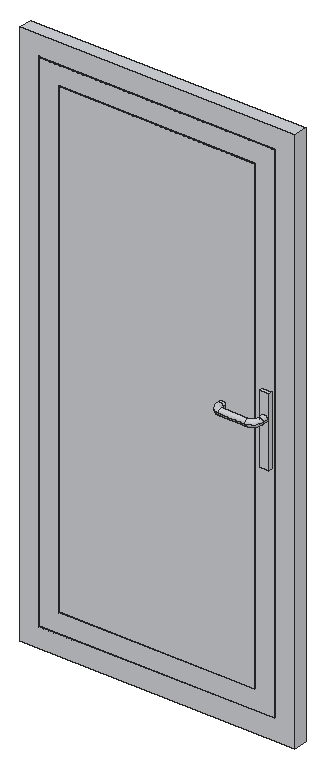
Revit family "NLRS_31_DO_WB_dichte enkele deur-AV_jazo_jazo", category Doors, host Wall, Revit 2020
Family settings
  Host = Wall
  OmniClass Number = 23.30.10.00
  OmniClass Title = Doors
  Always vertical = Yes
  Cut with Voids When Loaded = No
  Shared = No
  Room Calculation Point = No
Parameters (values of type "TYPE CATALOG")
  URL = "www.jazo.com"
  Thickness = if(JAZO_C_forster presto kozijn, 50 mm, if(JAZO_C_aluminium kozijn, 60 mm, 50 mm))  # 50 mm
  Rough Width = NLRS_C_breedte_01  # 1010 mm
  Rough Height = NLRS_C_hoogte_01  # 2010 mm
  Operation = ""
  Negge = 0 mm
  NLRS_C_zelfsluitend = no
  NLRS_C_weerstandsklasse = "Voor specificaties of mogelijkheden, neem contact op."  # constant formula
  NLRS_C_vluchtroute = "Voor specificaties of mogelijkheden, neem contact op."  # constant formula
  NLRS_C_stelruimte = if(NLRS_C_brandwerend, 10 mm, 5 mm)  # 5 mm
  NLRS_C_rookwerendheid = "Voor specificaties of mogelijkheden, neem contact op."  # constant formula
  NLRS_C_offset = Negge  # 0 mm
  NLRS_C_merk = "Voor specificaties of mogelijkheden, neem contact op."  # constant formula
  NLRS_C_leverancier_url = "www.jazo.com"  # constant formula
  NLRS_C_leverancier_telefoonnummer = "+31 316 - 59 29 11"  # constant formula
  NLRS_C_leverancier_postcode = "6905 DJ"  # constant formula
  NLRS_C_leverancier_plaats = "Zevenaar"  # constant formula
  NLRS_C_leverancier_email = "info@jazo.com"  # constant formula
  NLRS_C_leverancier_bedrijfsnaam = "JAZO Zevenaar bv"  # constant formula
  NLRS_C_leverancier_adres = "Handelsdwarsstraat 10"  # constant formula
  NLRS_C_inbraakwerend = no
  NLRS_C_hoogte_min = if(JAZO_C_forster presto kozijn, if(and(NLRS_C_brandwerend, NLRS_C_inbraakwerend), 2050 mm, if(NLRS_C_inbraakwerend, 2050 mm, if(NLRS_C_brandwerend, 2000 mm, 1850 mm))), if(JAZO_C_aluminium kozijn, 1850 mm, 1850 mm))  # 1850 mm
  NLRS_C_hoogte_max = if(JAZO_C_forster presto kozijn, if(NLRS_C_inbraakwerend, 2640 mm, 3000 mm), if(JAZO_C_aluminium kozijn, if(NLRS_C_inbraakwerend, 2645 mm, 3200 mm), 2000 mm))  # 3000 mm
  NLRS_C_hoogte_03 = 1050 mm  # constant formula
  NLRS_C_hoogte_02 = NLRS_C_hoogte - (24 mm * 2)  # 1952 mm
  NLRS_C_hoogte_01 = NLRS_C_hoogte + (NLRS_C_stelruimte * 2)  # 2010 mm
  NLRS_C_hoogte = if(Height < NLRS_C_hoogte_min, NLRS_C_hoogte_min, if(Height > NLRS_C_hoogte_max, NLRS_C_hoogte_max, Height))  # 2000 mm
  NLRS_C_geluidwering Rw = "Voor specificaties of mogelijkheden, neem contact op."  # constant formula
  NLRS_C_diepte_01 = if(JAZO_C_forster presto kozijn, 50 mm, 30 mm)  # 50 mm
  NLRS_C_diepte = Thickness  # 50 mm
  NLRS_C_content_versie = "2.1"  # constant formula
  NLRS_C_content_revit versie = "REVIT 2020.2"  # constant formula
  NLRS_C_content_provider = "JAZO Zevenaar bv"  # constant formula
  NLRS_C_content_datum uitgifte = "17-8-2022"  # constant formula
  NLRS_C_content_datum gewijzigd = "7-11-2022"  # constant formula
  NLRS_C_content_creator = "JAZO Zevenaar bv"  # constant formula
  NLRS_C_breedte_min = 850 mm  # constant formula
  NLRS_C_breedte_max = if(JAZO_C_forster presto kozijn, if(NLRS_C_inbraakwerend, 1440 mm, 1500 mm), if(JAZO_C_aluminium kozijn, if(NLRS_C_inbraakwerend, 1661 mm, 1400 mm), 1000 mm))  # 1500 mm
  NLRS_C_breedte_02 = NLRS_C_breedte - (24 mm * 2)  # 952 mm
  NLRS_C_breedte_01 = NLRS_C_breedte + NLRS_C_stelruimte * 2  # 1010 mm
  NLRS_C_breedte = if(Width < NLRS_C_breedte_min, NLRS_C_breedte_min, if(Width > NLRS_C_breedte_max, NLRS_C_breedte_max, Width))  # 1000 mm
  NLRS_C_brandwerend = no
  Model = "Dichte enkele deur"  # constant formula
  Manufacturer = "JAZO Zevenaar bv"  # constant formula
  MIN WIDTH = NLRS_C_breedte_min  # 850 mm
  MIN HEIGHT = NLRS_C_hoogte_min  # 1850 mm
  MAX WIDTH = NLRS_C_breedte_max  # 1500 mm
  MAX HEIGHT = NLRS_C_hoogte_max  # 3000 mm
  JAZO_C_plankendeur = if(JAZO_C_aluminium kozijn, 1 < 2, 2 < 1)  # no
  JAZO_C_paniekfunctie = no
  JAZO_C_paneeldeur = if(JAZO_C_forster presto kozijn, 1 < 2, 2 < 1)  # yes
  JAZO_C_niet ventilerend = if(or(JAZO_C_aluminium kozijn, JAZO_C_forster presto kozijn), 1 < 2, 2 < 1)  # yes
  JAZO_C_materiaal scharnier = none
  JAZO_C_materiaal forster presto sandwichpaneel = none
  JAZO_C_materiaal forster presto kozijn = none
  JAZO_C_materiaal forster presto deurprofiel = none
  JAZO_C_materiaal beslag = none
  JAZO_C_materiaal aluminium planken = none
  JAZO_C_materiaal aluminium kozijn = none
  JAZO_C_forster presto kozijn = yes
  JAZO_C_dagmaat hoogte = if(JAZO_C_forster presto kozijn, NLRS_C_hoogte - 70 mm - 70 mm, if(JAZO_C_aluminium kozijn, NLRS_C_hoogte - 52 mm - 52 mm, 0 mm))  # 1860 mm
  JAZO_C_dagmaat breedte = if(JAZO_C_forster presto kozijn, NLRS_C_breedte - 70 mm - 70 mm, if(JAZO_C_aluminium kozijn, NLRS_C_breedte - 52 mm - 52 mm, 0 mm))  # 860 mm
  JAZO_C_aluminium kozijn = no
  Function = Exterior
  Height = 2000 mm
  Wall Closure = By host
  Width = 1000 mm
  Description = "Dichte enkele deur"  # constant formula
  Define Thermal Properties by = User Defined
  Construction Type = "Voor specificaties of mogelijkheden, neem contact op."  # constant formula
  Assembly Code = "23.30.10.00"
  Analytic Construction = "<None>"
Reference planes
  plane 1 "Center (Front/Back)": y = 0
  plane 2 "Center (Left/Right)": x = 0
  plane 3 "Left": x = -500
  plane 4 "Right": x = 500
  plane 5 "Top": z = 2005
  plane 6 "Exterior": y = 75
  plane 7 "Interior": y = -75
  plane 8 "stelruimte r": x = 505
  plane 9 "stelruimte l": x = -505
  plane 10 "stelruimte b": z = 2010
  plane 11 "stelruimte o": z = 5
  plane 12 "center kozijn": y = 50
  plane 13 "Center": z = 1005
  plane 14 "voorkant kozijn": y = 75
  plane 15 "achterkant kozijn": y = 25
  plane 16 "belsag": z = 1050
Lines and regions (mm)
  Opening 1
    outline origin (-3161.91, -75, 0) x (1, 0, 0) y (0, 0, 1)
      loop
        line (2656.91, 0) -> (3666.91, 0) -> (3666.91, 2010) -> (2656.91, 2010) -> (2656.91, 0)
  symbolic lines, style "Swing Elevation"
    curve 1: line (500, -75, 1005) -> (-500, -75, 2005)
    curve 2: line (500, -75, 1005) -> (-505, -75, -0.007)
Text (mm)
  text "Exterior" at (-2295.016, 1099.543, 0), in view "Ref. Level"
  text "Exterior" at (0, 1615.38, 3698.081), in view "Left"
  text "Exterior" at (0, 1036.032, 3874.932), in view "Right"
Dimensions and locks
  equal spacing: plane 9 "stelruimte l", plane 2 "Center (Left/Right)", plane 8 "stelruimte r"
  "NLRS_C_breedte": plane 3 "Left" to plane 4 "Right"
  "NLRS_C_hoogte": plane 5 "Top" to plane 11 "stelruimte o"
  "NLRS_C_hoogte_01": host wall to plane 10 "stelruimte b"
  locked: plane 6 "Exterior" to host wall
  locked: plane 7 "Interior" to host wall
  "NLRS_C_breedte_01": plane 9 "stelruimte l" to plane 8 "stelruimte r"
  equal spacing: plane 3 "Left", plane 2 "Center (Left/Right)", plane 4 "Right"
  equal spacing: plane 11 "stelruimte o", plane 13 "Center", plane 5 "Top"
  "NLRS_C_stelruimte": level to plane 11 "stelruimte o"
  equal spacing: plane 14 "voorkant kozijn", plane 12 "center kozijn", plane 15 "achterkant kozijn"
  "NLRS_C_diepte": plane 14 "voorkant kozijn" to plane 15 "achterkant kozijn"
  "NLRS_C_offset": plane 14 "voorkant kozijn" to plane 6 "Exterior"
  locked: nested 7 to plane 4 "Right" at 100
  "NLRS_C_hoogte_03": level to plane 16 "belsag"
  locked: nested 10 to plane 5 "Top" at 180
  locked: plane 11 "stelruimte o" to nested 9 at 180
  locked: nested 14 to plane 5 "Top" at 180
  locked: plane 11 "stelruimte o" to nested 12 at 180
  locked: nested 15 to plane 4 "Right" at 100
  aligned and locked: Opening 1 sketch curve to level
  aligned and locked: plane 1 "Center (Front/Back)" to host wall
  aligned and locked: Opening 1 sketch curve to plane 9 "stelruimte l"
  aligned and locked: plane 10 "stelruimte b" to Opening 1 sketch curve
  aligned and locked: Opening 1 sketch curve to plane 8 "stelruimte r"
  aligned and locked: plane 2 "Center (Left/Right)" to nested 1
  aligned and locked: nested 1 to plane 12 "center kozijn"
  aligned and locked: nested 1 to plane 5 "Top"
  aligned and locked: plane 2 "Center (Left/Right)" to nested 2
  aligned and locked: nested 2 to plane 12 "center kozijn"
  aligned and locked: nested 3 to plane 12 "center kozijn"
  aligned and locked: plane 2 "Center (Left/Right)" to nested 3
  aligned and locked: nested 3 to plane 5 "Top"
  aligned and locked: plane 2 "Center (Left/Right)" to nested 4
  aligned and locked: plane 2 "Center (Left/Right)" to nested 5
  aligned and locked: plane 2 "Center (Left/Right)" to nested 6
  aligned and locked: nested 6 to plane 12 "center kozijn"
  aligned and locked: plane 16 "belsag" to nested 7
  aligned and locked: plane 2 "Center (Left/Right)" to nested 8
  aligned and locked: plane 12 "center kozijn" to nested 8
  aligned and locked: plane 13 "Center" to nested 8
  aligned and locked: plane 14 "voorkant kozijn" to nested 9
  aligned and locked: plane 14 "voorkant kozijn" to nested 11
  aligned and locked: plane 14 "voorkant kozijn" to nested 10
  aligned and locked: plane 13 "Center" to nested 11
  aligned and locked: nested 12 to plane 14 "voorkant kozijn"
  aligned and locked: plane 13 "Center" to nested 13
  aligned and locked: nested 13 to plane 14 "voorkant kozijn"
  aligned and locked: nested 14 to plane 14 "voorkant kozijn"
  aligned and locked: plane 9 "stelruimte l" to curve 2
  aligned and locked: nested 15 to plane 14 "voorkant kozijn"
  aligned and locked: nested 7 to plane 14 "voorkant kozijn"
  aligned and locked: nested 9 to plane 3 "Left"
  aligned and locked: nested 11 to plane 3 "Left"
  aligned and locked: nested 10 to plane 3 "Left"
  aligned and locked: nested 12 to plane 3 "Left"
  aligned and locked: nested 14 to plane 3 "Left"
  aligned and locked: nested 13 to plane 3 "Left"
  aligned and locked: nested 2 to plane 5 "Top"
  aligned and locked: nested 6 to plane 5 "Top"
  aligned and locked: nested 16 to plane 3 "Left"
  aligned and locked: nested 16 to plane 4 "Right"
  aligned and locked: plane 14 "voorkant kozijn" to nested 16
  aligned and locked: nested 5 to plane 12 "center kozijn"
Automatic sketch dimensions
  plane 3 "Left" to curve 1 = 0 mm
  curve 1 to plane 5 "Top" = 0 mm
  plane 4 "Right" to curve 2 = 0 mm
  curve 2 to plane 13 "Center" = 0 mm
  curve 2 to level = 0.007 mm
Nested families
  nested 1: "NLRS_31_GM_UN_forster presto kozijn-AV" at (0, 50, 5), type "forster presto kozijn"
    with NLRS_C_breedte 1000 mm
  nested 2: "NLRS_31_GM_UN_aluminium kozijn-AV" at (0, 50, 5), type "aluminium kozijn"
  nested 3: "NLRS_31_GM_UN_forster presto deurprofiel-AV" at (0, 50, 5), type "forster presto deurprofiel"
  nested 4: "NLRS_31_DI_UN_markering" at (0, 29.5, 0), type "markering"
  nested 5: "NLRS_31_GA_UN_error message" at (0, 50, 0), type "error message"
    with NLRS_C_zichtbaar_10 no, NLRS_C_zichtbaar_05 no, NLRS_C_hoogte_max 3000 mm, NLRS_C_hoogte 2000 mm, NLRS_C_breedte_max 1500 mm, NLRS_C_brandwerend no, JAZO_C_aluminium kozijn no
  nested 6: "NLRS_31_GM_UN_forster presto sandwichpaneel-AV" at (0, 50, 5), type "forster presto sandwichpaneel"
  nested 7: "NLRS_31_GM_UN_beslag-AV" at (400, 75, 887), type "beslag knop-kruk"
  nested 8: "NLRS_31_GM_UN_aluminium planken-AV" at (0, 65, 29), type "aluminium planken"
    with NLRS_C_zichtbaar_01 no, NLRS_C_stelruimte_01 2 mm, NLRS_C_lengte_01 150 mm, NLRS_C_lengte 52 mm, NLRS_C_breedte_02 50 mm, NLRS_C_breedte_01 702 mm, NLRS_C_breedte 952 mm, JAZO_C_tussenplank 100mm yes
  nested 9: "NLRS_31_GM_UN_scharnier paneeldeur-AV" at (-462.4, 85.5, 99.5), type "scharnier paneeldeur"
  nested 10: "NLRS_31_GM_UN_scharnier paneeldeur-AV" at (-462.4, 85.5, 1739.5), type "scharnier paneeldeur"
  nested 11: "NLRS_31_GM_UN_scharnier paneeldeur-AV" at (-462.4, 85.5, 919.5), type "scharnier paneeldeur"
  nested 12: "NLRS_31_GM_UN_scharnier plankendeur-AV" at (-482, 93, 95), type "scharnier plankendeur"
    with JAZO_C_plankendeur no
  nested 13: "NLRS_31_GM_UN_scharnier plankendeur-AV" at (-482, 93, 915), type "scharnier plankendeur"
    with JAZO_C_plankendeur no
  nested 14: "NLRS_31_GM_UN_scharnier plankendeur-AV" at (-482, 93, 1735), type "scharnier plankendeur"
    with JAZO_C_plankendeur no
  nested 15: "NLRS_31_DI_UN_beslagbak detail" at (400, 75, 0), type "beslagbak detail"
    with JAZO_C_forster presto kozijn yes, JAZO_C_aluminium kozijn no
  nested 16: "NLRS_31_GM_UN_door swing" at (-500, 75, 0) x (-1, 0, 0) z (0, 0, 1), NLRS_C_breedte <- "NLRS_C_breedte", type "door swing"
    with NLRS_C_hoek 90.00°, NLRS_C_breedte 1000 mm
Definition of nested family "NLRS_31_GM_UN_forster presto kozijn-AV"
  Parameters (values of type "forster presto kozijn")
    URL = "www.jazo.com"
    NLRS_C_zichtbaar_01 = yes
    NLRS_C_materiaal = none
    NLRS_C_hoogte = 2000 mm
    NLRS_C_diepte = 50 mm  # constant formula
    NLRS_C_breedte = 2500 mm
    Model = "Forster Presto kozijn"
    Manufacturer = "JAZO Zevenaar bv"
    Description = "Forster Presto kozijn"
    Default Elevation = 0 mm
    Assembly Code = "23.30.10.11.11"
  Reference planes
    plane 1 "Center (Front/Back)": y = 0
    plane 2 "Bottom": z = 0
    plane 3 "Center (Left/Right)": x = 0
    plane 4 "Left": x = -1250
    plane 5 "Right": x = 1250
    plane 6 "Top": z = 2000
    plane 7 "voorkant kozijn": y = 25
    plane 8 "achterkant kozijn": y = -25
  Forms (mm)
    Sweep 1, solid, material <- "NLRS_C_materiaal", visible <- "NLRS_C_zichtbaar_01"
      path origin (0, 0, 0) x (1, 0, 0) y (0, 0, 1)
        loop
          line (-1250, 2000) -> (-1250, 0) -> (1250, 0) -> (1250, 2000) -> (-1250, 2000)
      profile origin (0, 0, 2000) x (0, 0, 1) y (0, -1, 0)
        loop
          line (0, -25) -> (0, 25) -> (-50, 25) -> (-70, 25) -> (-70, 22.003) -> (-50, 22.003) -> (-50, -19) -> (-36, -19) -> (-36, -25) -> (0, -25)
  Lines and regions (mm)
    symbolic lines, visible <- "NLRS_C_zichtbaar_01"
      curve 1: line (-1181.52, -25, 0) -> (1181.52, -25, 0)
      curve 2: line (-1216.25, 25, 0) -> (1216.25, 25, 0)
    symbolic lines
      curve 3: line (0, -25, 1931.52) -> (0, -25, 68.48)
      curve 4: line (0, 25, 33.75) -> (0, 25, 1966.25)
  Dimensions and locks
    "NLRS_C_hoogte": plane 6 "Top" to plane 2 "Bottom"
    "NLRS_C_diepte": plane 7 "voorkant kozijn" to plane 8 "achterkant kozijn"
    "NLRS_C_breedte": plane 4 "Left" to plane 5 "Right"
    equal spacing: plane 4 "Left", plane 3 "Center (Left/Right)", plane 5 "Right"
    aligned and locked: level to plane 2 "Bottom"
    aligned and locked: Sweep 1 to plane 8 "achterkant kozijn"
    aligned and locked: Sweep 1 to plane 7 "voorkant kozijn"
    aligned and locked: nested 1 to plane 8 "achterkant kozijn"
    aligned and locked: nested 2 to plane 8 "achterkant kozijn"
    aligned and locked: Sweep 1 sketch curve to plane 6 "Top"
    aligned and locked: Sweep 1 sketch curve to plane 4 "Left"
    aligned and locked: plane 5 "Right" to Sweep 1 sketch curve
    aligned and locked: plane 2 "Bottom" to Sweep 1 sketch curve
    aligned and locked: nested 1 to plane 4 "Left"
    aligned and locked: nested 2 to plane 5 "Right"
    aligned and locked: nested 4 to plane 6 "Top"
    aligned and locked: nested 3 to plane 2 "Bottom"
    aligned and locked: curve 1 to plane 8 "achterkant kozijn"
    aligned and locked: curve 2 to plane 7 "voorkant kozijn"
    aligned and locked: plane 8 "achterkant kozijn" to curve 3
    aligned and locked: curve 4 to plane 7 "voorkant kozijn"
  Automatic sketch dimensions
    profile plane to Sweep 1 sketch curve = 0 mm
    profile plane to Sweep 1 sketch curve = 36 mm
    Sweep 1 sketch curve to Sweep 1 sketch curve = 14 mm
    Sweep 1 sketch curve to Sweep 1 sketch curve = 0 mm
    Sweep 1 sketch curve to Sweep 1 sketch curve = 20 mm
    Sweep 1 sketch curve to plane 1 "Center (Front/Back)" = 25 mm
    Sweep 1 sketch curve to Sweep 1 sketch curve = 6 mm
    plane 1 "Center (Front/Back)" to Sweep 1 sketch curve = 22.003 mm
    Sweep 1 sketch curve to Sweep 1 sketch curve = 2.997 mm
    curve 2 to plane 4 "Left" = 33.75 mm
    curve 2 to curve 1 = 34.73 mm
    plane 5 "Right" to curve 1 = 68.48 mm
    plane 5 "Right" to curve 2 = 33.75 mm
    level to curve 4 = 33.75 mm
    curve 4 to curve 3 = 34.73 mm
    curve 3 to plane 6 "Top" = 68.48 mm
    curve 4 to plane 6 "Top" = 33.75 mm
  Nested families
    nested 1: "NLRS_31_DI_UN_forster presto kozijn detail" at (-1250, -25, 0) x (0, 1, 0) z (0, 0, 1), visible <- "NLRS_C_zichtbaar_01", type "forster presto kozijn detail"
    nested 2: "NLRS_31_DI_UN_forster presto kozijn detail" at (1250, -25, 0) x (0, 1, 0) z (0, 0, 1), visible <- "NLRS_C_zichtbaar_01", type "forster presto kozijn detail"
    nested 3: "NLRS_31_DI_UN_forster presto kozijn detail" at (0, -25, 0) x (0, 1, 0) z (1, 0, 0), visible <- "NLRS_C_zichtbaar_01", type "forster presto kozijn detail"
    nested 4: "NLRS_31_DI_UN_forster presto kozijn detail" at (0, -25, 2000) x (0, 1, 0) z (1, 0, 0), visible <- "NLRS_C_zichtbaar_01", type "forster presto kozijn detail"
  Definition of nested family "NLRS_31_DI_UN_forster presto kozijn detail"
    Parameters (values of type "forster presto kozijn detail")
      URL = "www.jazo.com"
      Manufacturer = "Jazo Zevenaar BV"
      Description = "Forster presto kozijn detail"
    Reference planes
      plane 1 "Center (Front/Back)": y = 0
      plane 2: z = 0
      plane 3 "Center (Left/Right)": x = 0
    Lines and regions (mm)
      detail lines, in view "Ref. Level"
        curve 1: line (0, 2.25, 0) -> (0, 68.48, 0)
        curve 2: arc (0, 68.48, 0) -> (1.52, 70, 0) -> (3.04, 68.48, 0) r 1.52
        curve 3: line (3.04, 68.48, 0) -> (3.04, 50.75, 0)
        curve 4: arc (3.04, 50.75, 0) -> (3.26, 50.22, 0) -> (3.79, 50, 0) r 0.75
        curve 5: line (3.79, 50, 0) -> (42.48, 50, 0)
        curve 6: arc (42.48, 50, 0) -> (43.99, 48.306, 0) -> (42.134, 47, 0) r 1.52
        curve 7: line (42.134, 47, 0) -> (37, 47, 0)
        curve 8: arc (37, 46.96, 0) -> (35.51, 45.633, 0) -> (36.656, 44, 0) r 1.5
        curve 9: line (36.656, 44, 0) -> (42.79, 44, 0)
        curve 10: arc (42.79, 44, 0) -> (44.108, 43.561, 0) -> (44.901, 42.421, 0) r 2.2
        curve 11: line (45, 42.467, 0) -> (45, 36.75, 0)
        curve 12: arc (45, 36.75, 0) -> (45.22, 36.22, 0) -> (45.75, 36, 0) r 0.75
        curve 13: line (45.75, 36, 0) -> (47.75, 36, 0)
        curve 14: arc (47.75, 36, 0) -> (49.341, 35.341, 0) -> (50, 33.75, 0) r 2.25
        curve 15: line (50, 33.75, 0) -> (50, 2.25, 0)
        curve 16: arc (50, 2.25, 0) -> (49.341, 0.659, 0) -> (47.75, 0, 0) r 2.25
        curve 17: line (47.75, 0, 0) -> (2.25, 0, 0)
        curve 18: arc (2.25, 0, 0) -> (0.659, 0.659, 0) -> (0, 2.25, 0) r 2.25
        curve 19: arc (37, 48.46, 0) -> (34, 45.46, 0) -> (37, 42.46, 0) r 3
        curve 20: line (37, 42.46, 0) -> (42.75, 42.46, 0)
        curve 21: arc (42.75, 42.46, 0) -> (43.28, 42.24, 0) -> (43.5, 41.71, 0) r 0.75
        curve 22: line (43.5, 41.71, 0) -> (43.5, 36.75, 0)
        curve 23: arc (43.5, 36.75, 0) -> (44.159, 35.159, 0) -> (45.75, 34.5, 0) r 2.25
        curve 24: line (45.75, 34.5, 0) -> (47.75, 34.5, 0)
        curve 25: arc (47.75, 34.5, 0) -> (48.28, 34.28, 0) -> (48.5, 33.75, 0) r 0.75
        curve 26: line (48.5, 33.75, 0) -> (48.5, 2.25, 0)
        curve 27: arc (48.5, 2.25, 0) -> (48.28, 1.72, 0) -> (47.75, 1.5, 0) r 0.75
        curve 28: line (47.75, 1.5, 0) -> (2.25, 1.5, 0)
        curve 29: arc (2.25, 1.5, 0) -> (1.72, 1.72, 0) -> (1.5, 2.25, 0) r 0.75
        curve 30: line (1.5, 2.25, 0) -> (1.5, 68.48, 0)
        curve 31: arc (1.54, 50.75, 0) -> (2.199, 49.159, 0) -> (3.79, 48.5, 0) r 2.25
        curve 32: line (3.79, 48.5, 0) -> (42.48, 48.5, 0)
Definition of nested family "NLRS_31_GM_UN_forster presto deurprofiel-AV"
  Parameters (values of type "forster presto deurprofiel")
    URL = "www.jazo.com"
    NLRS_C_zichtbaar_01 = yes
    NLRS_C_materiaal = none
    NLRS_C_hoogte = 2000 mm
    NLRS_C_diepte = 50 mm  # constant formula
    NLRS_C_breedte = 1000 mm
    Model = "Forster Presto deurprofiel"
    Manufacturer = "JAZO Zevenaar bv"
    Description = "Forster presto deurprofiel"
    Default Elevation = 0 mm
    Assembly Code = "23.30.10.11.11"
  Reference planes
    plane 1 "Center (Front/Back)": y = 0
    plane 2 "Bottom": z = 0
    plane 3 "Center (Left/Right)": x = 0
    plane 4 "Left": x = -500
    plane 5 "Right": x = 500
    plane 6 "Top": z = 2000
    plane 7 "voorkant kozijn": y = 25
    plane 8 "achterkant kozijn": y = -25
    plane 9 "Center (Elevation)": z = 1000
  Forms (mm)
    Sweep 1, solid, material <- "NLRS_C_materiaal", visible <- "NLRS_C_zichtbaar_01"
      path origin (0, 0, 0) x (1, 0, 0) y (0, 0, 1)
        loop
          line (-500, 2000) -> (-500, 0) -> (500, 0) -> (500, 2000) -> (-500, 2000)
      profile origin (0, 0, 2000) x (0, 0, 1) y (0, -1, 0)
        loop
          line (-40, -22) -> (-60, -22) -> (-60, 19) -> (-74, 19) -> (-74, 25) -> (-140, 25) -> (-140, -22) -> (-160, -22) -> (-160, -25) -> (-40, -25) -> (-40, -22)
  Lines and regions (mm)
    symbolic lines, visible <- "NLRS_C_zichtbaar_01"
      curve 1: line (-362.25, -25, 0) -> (362.25, -25, 0)
      curve 2: line (-341.52, 25, 0) -> (341.52, 25, 0)
      curve 3: line (0, 25, 1841.52) -> (0, 25, 158.48)
      curve 4: line (0, -25, 123.75) -> (0, -25, 1862.25)
  Dimensions and locks
    equal spacing: plane 4 "Left", plane 3 "Center (Left/Right)", plane 5 "Right"
    "NLRS_C_breedte": plane 4 "Left" to plane 5 "Right"
    "NLRS_C_hoogte": plane 6 "Top" to plane 2 "Bottom"
    locked: plane 4 "Left" to nested 1 at 60
    locked: nested 2 to plane 5 "Right" at 60
    locked: nested 3 to plane 6 "Top" at 60
    equal spacing: plane 6 "Top", plane 9 "Center (Elevation)", plane 2 "Bottom"
    locked: Sweep 1 to plane 2 "Bottom" at 60
    aligned and locked: level to plane 2 "Bottom"
    aligned and locked: Sweep 1 to plane 7 "voorkant kozijn"  (x2)
    aligned and locked: plane 8 "achterkant kozijn" to nested 3
    aligned and locked: Sweep 1 sketch curve to plane 6 "Top"
    aligned and locked: Sweep 1 sketch curve to plane 4 "Left"
    aligned and locked: plane 5 "Right" to Sweep 1 sketch curve
    aligned and locked: plane 2 "Bottom" to Sweep 1 sketch curve
    aligned and locked: curve 1 to plane 8 "achterkant kozijn"
    aligned and locked: plane 7 "voorkant kozijn" to curve 2
    aligned and locked: curve 3 to plane 7 "voorkant kozijn"
    aligned and locked: curve 4 to plane 8 "achterkant kozijn"
  Automatic sketch dimensions
    profile plane to Sweep 1 sketch curve = 160 mm
    Sweep 1 sketch curve to Sweep 1 sketch curve = 20 mm  (x2)
    Sweep 1 sketch curve to Sweep 1 sketch curve = 66 mm
    Sweep 1 sketch curve to Sweep 1 sketch curve = 14 mm
    Sweep 1 sketch curve to plane 1 "Center (Front/Back)" = 25 mm
    Sweep 1 sketch curve to Sweep 1 sketch curve = 3 mm  (x2)
    Sweep 1 sketch curve to Sweep 1 sketch curve = 41 mm
    Sweep 1 sketch curve to Sweep 1 sketch curve = 6 mm
    curve 1 to plane 4 "Left" = 137.75 mm
    curve 1 to curve 2 = 20.73 mm
    plane 5 "Right" to curve 2 = 158.48 mm
    curve 2 to curve 1 = 20.73 mm
    level to curve 4 = 123.75 mm
    curve 4 to curve 3 = 34.73 mm
    curve 3 to plane 6 "Top" = 158.48 mm
    curve 3 to curve 4 = 20.73 mm
  Nested families
    nested 1: "NLRS_31_DI_UN_forster presto deurprofiel detail" at (-460, 25, 0) x (0, -1, 0) z (0, 0, 1), visible <- "NLRS_C_zichtbaar_01", type "forster presto deurprofiel detail"
    nested 2: "NLRS_31_DI_UN_forster presto deurprofiel detail" at (460, 25, 0) x (0, -1, 0) z (0, 0, 1), visible <- "NLRS_C_zichtbaar_01", type "forster presto deurprofiel detail"
    nested 3: "NLRS_31_DI_UN_forster presto deurprofiel detail" at (0, 25, 1960) x (0, -1, 0) z (1, 0, 0), visible <- "NLRS_C_zichtbaar_01", type "forster presto deurprofiel detail"
    nested 4: "NLRS_31_DI_UN_forster presto deurprofiel detail" at (0, 25, 40) x (0, -1, 0) z (1, 0, 0), visible <- "NLRS_C_zichtbaar_01", type "forster presto deurprofiel detail"
  Definition of nested family "NLRS_31_DI_UN_forster presto deurprofiel detail"
    Parameters (values of type "forster presto deurprofiel detail")
      URL = "www.jazo.com"
      Manufacturer = "Jazo Zevenaar BV"
      Description = "Forster presto deurprofiel detail"
      Assembly Code = "23.30.10.11.11"
    Reference planes
      plane 1 "Center (Front/Back)": y = 0
      plane 2: z = 0
      plane 3 "Center (Left/Right)": x = 0
    Lines and regions (mm)
      detail lines, in view "Ref. Level"
        curve 1: line (50, 36.25, 0) -> (50, 97.75, 0)
        curve 2: arc (50, 97.75, 0) -> (49.341, 99.341, 0) -> (47.75, 100, 0) r 2.25
        curve 3: line (47.75, 100, 0) -> (3.79, 100, 0)
        curve 4: arc (3.79, 100, 0) -> (3.26, 100.22, 0) -> (3.04, 100.75, 0) r 0.75
        curve 5: line (3.04, 100.75, 0) -> (3.04, 118.48, 0)
        curve 6: arc (3.04, 118.48, 0) -> (1.52, 120, 0) -> (0, 118.48, 0) r 1.52
        curve 7: line (0, 118.48, 0) -> (0, 1.52, 0)
        curve 8: arc (0, 1.52, 0) -> (1.52, 0, 0) -> (3.04, 1.52, 0) r 1.52
        curve 9: line (3.04, 1.52, 0) -> (3.04, 19.25, 0)
        curve 10: arc (3.04, 19.25, 0) -> (3.26, 19.78, 0) -> (3.79, 20, 0) r 0.75
        curve 11: line (3.79, 20, 0) -> (42.48, 20, 0)
        curve 12: arc (42.48, 20, 0) -> (44, 21.52, 0) -> (42.48, 23.04, 0) r 1.52
        curve 13: line (42.48, 23.04, 0) -> (37, 23.04, 0)
        curve 14: arc (37, 23.04, 0) -> (35.5, 24.54, 0) -> (37, 26.04, 0) r 1.5
        curve 15: line (37, 26.04, 0) -> (42.79, 26.04, 0)
        curve 16: arc (42.79, 26.04, 0) -> (44.365, 26.703, 0) -> (45, 28.29, 0) r 2.215
        curve 17: line (45, 28.29, 0) -> (45, 33.25, 0)
        curve 18: arc (45, 33.25, 0) -> (45.22, 33.78, 0) -> (45.75, 34, 0) r 0.75
        curve 19: line (45.75, 34, 0) -> (47.75, 34, 0)
        curve 20: arc (47.75, 34, 0) -> (49.341, 34.659, 0) -> (50, 36.25, 0) r 2.25
        curve 21: arc (1.54, 19.25, 0) -> (2.199, 20.841, 0) -> (3.79, 21.5, 0) r 2.25
        curve 22: line (3.79, 21.5, 0) -> (37, 21.5, 0)
        curve 23: arc (37, 21.54, 0) -> (34, 24.54, 0) -> (37, 27.54, 0) r 3
        curve 24: line (37, 27.54, 0) -> (42.75, 27.54, 0)
        curve 25: arc (42.75, 27.54, 0) -> (43.28, 27.76, 0) -> (43.5, 28.29, 0) r 0.75
        curve 26: line (43.5, 28.29, 0) -> (43.5, 33.25, 0)
        curve 27: arc (43.5, 33.25, 0) -> (44.159, 34.841, 0) -> (45.75, 35.5, 0) r 2.25
        curve 28: line (45.75, 35.5, 0) -> (47.75, 35.5, 0)
        curve 29: arc (47.75, 35.5, 0) -> (48.28, 35.72, 0) -> (48.5, 36.25, 0) r 0.75
        curve 30: line (48.5, 36.25, 0) -> (48.5, 97.75, 0)
        curve 31: arc (48.5, 97.75, 0) -> (48.28, 98.28, 0) -> (47.75, 98.5, 0) r 0.75
        curve 32: line (47.75, 98.5, 0) -> (3.79, 98.5, 0)
        curve 33: arc (3.79, 98.5, 0) -> (2.199, 99.159, 0) -> (1.54, 100.75, 0) r 2.25
        curve 34: line (37, 21.5, 0) -> (42.48, 21.52, 0)
        curve 35: line (37, 21.54, 0) -> (42.48, 21.52, 0)
        curve 36: line (1.52, 1.52, 0) -> (1.52, 118.48, 0)
Definition of nested family "NLRS_31_GM_UN_forster presto sandwichpaneel-AV"
  Parameters (values of type "forster presto sandwichpaneel")
    URL = "www.jazo.com"
    NLRS_C_zichtbaar_01 = yes
    NLRS_C_materiaal = none
    NLRS_C_hoogte = 2000 mm
    NLRS_C_diepte = 50 mm  # constant formula
    NLRS_C_breedte = 1000 mm
    Model = ""
    Manufacturer = "JAZO Zevenaar bv"
    Description = "Forster presto sandwichpaneel"
    Default Elevation = 0 mm
    Assembly Code = "23.30.10.11.14"
  Reference planes
    plane 1 "Center (Front/Back)": y = 0
    plane 2 "Bottom": z = 0
    plane 3 "Center (Left/Right)": x = 0
    plane 4 "Left": x = -500
    plane 5 "Right": x = 500
    plane 6 "Top": z = 2000
    plane 7 "voorkant kozijn": y = 25
    plane 8 "achterkant kozijn": y = -25
    plane 9 "offset voorkant": y = 18
  Forms (mm)
    Extrusion 1, solid, material <- "NLRS_C_materiaal", visible <- "NLRS_C_zichtbaar_01"
      sketch origin (0, 0, 0) x (1, 0, 0) y (0, 0, 1)
        loop
          line (-356, 1856) -> (-356, 144) -> (356, 144) -> (356, 1856) -> (-356, 1856)
      from -18 to 25
  Dimensions and locks
    equal spacing: plane 4 "Left", plane 3 "Center (Left/Right)", plane 5 "Right"
    "NLRS_C_breedte": plane 4 "Left" to plane 5 "Right"
    "NLRS_C_hoogte": plane 6 "Top" to plane 2 "Bottom"
    locked: plane 6 "Top" to Extrusion 1 at 144
    locked: Extrusion 1 to plane 4 "Left" at 144
    locked: Extrusion 1 to plane 2 "Bottom" at 144
    locked: plane 5 "Right" to Extrusion 1 at 144
    "NLRS_C_diepte": plane 7 "voorkant kozijn" to plane 8 "achterkant kozijn"
    equal spacing: plane 7 "voorkant kozijn", plane 1 "Center (Front/Back)", plane 8 "achterkant kozijn"
    locked: plane 7 "voorkant kozijn" to plane 9 "offset voorkant" at 7
    aligned and locked: level to plane 2 "Bottom"
    aligned and locked: Extrusion 1 to plane 8 "achterkant kozijn"
    aligned and locked: plane 9 "offset voorkant" to Extrusion 1
  Automatic sketch dimensions
    Extrusion 1 sketch curve to plane 4 "Left" = 144 mm
    plane 5 "Right" to Extrusion 1 sketch curve = 144 mm
    level to Extrusion 1 sketch curve = 144 mm
    Extrusion 1 sketch curve to plane 6 "Top" = 144 mm
Definition of nested family "NLRS_31_GM_UN_beslag-AV"
  Parameters (values of type "beslag knop-kruk")
    URL = "www.jazo.com"
    NLRS_C_zichtbaar_01 = yes
    NLRS_C_materiaal = none
    NLRS_C_diepte = 50 mm
    NLRS_C_afstand = if(JAZO_C_aluminium kozijn, 30 mm, if(JAZO_C_forster presto kozijn, 50 mm, 50 mm))  # 50 mm
    Model = ""
    Manufacturer = "JAZO Zevenaar bv"
    JAZO_C_forster presto kozijn = yes
    JAZO_C_aluminium kozijn = no
    Description = "Beslag knop-kruk"
    Default Elevation = 0 mm
    Assembly Code = "23.30.40.31"
  Reference planes
    plane 1 "Center (Front/Back)": y = 0
    plane 2 "Bottom": z = 0
    plane 3 "Center (Left/Right)": x = 0
    plane 4 "kruk": z = 163
    plane 5 "cilinder": z = 71.5
    plane 6 "achterkant": y = -50
    plane 7 "deur": y = -50
  Forms (mm)
    Extrusion 1, solid, material <- "NLRS_C_materiaal", visible <- "NLRS_C_zichtbaar_01"
      sketch origin (0, -8, 0) x (1, 0, 0) y (0, 1, 0)
        loop
          line (-16, 20) -> (-16, 8) -> (16, 8) -> (16, 20) -> (-16, 20)
      from 0 to 251
    Extrusion 2, solid, material <- "NLRS_C_materiaal", visible <- "NLRS_C_zichtbaar_01"
      sketch origin (0, -45, 0) x (1, 0, 0) y (0, 0, -1)
        loop
          circle (0, -163) r 11
      from 57 to 87
    Extrusion 3, solid, material <- "NLRS_C_materiaal", visible <- "NLRS_C_zichtbaar_01"
      sketch origin (0, -45, 0) x (1, 0, 0) y (0, 0, -1)
        loop
          circle (0, -163) r 25
      from 87 to 103
    Sweep 4, solid, material <- "NLRS_C_materiaal", visible <- "NLRS_C_zichtbaar_01"
      path origin (0, -69, 0) x (1, 0, 0) y (0, 1, 0)
        loop
          line (0, 7) -> (0, -15)
          arc (0, -15) -> (-7.249, -32.5) -> (-24.749, -39.749) r 24.749
          line (-24.749, -39.749) -> (-120.749, -39.749)
          arc (-120.749, -39.749) -> (-138.249, -32.5) -> (-145.497, -15) r 24.749
          line (-145.497, -15) -> (-145.497, -4)
      profile origin (0, -73, 0) x (1, 0, 0) y (0, 0, 1)
        loop
          circle (0, 163) r 11
    Extrusion 5, solid, material <- "NLRS_C_materiaal", visible <- "NLRS_C_zichtbaar_01"
      sketch origin (0, -102, 0) x (1, 0, 0) y (0, 1, 0)
        loop
          line (-16, 40) -> (16, 40) -> (16, 52) -> (-16, 52) -> (-16, 40)
      from 0 to 251
  Dimensions and locks
    locked: plane 4 "kruk" to plane 2 "Bottom" at 163
    locked: plane 5 "cilinder" to plane 2 "Bottom" at 71.5
    locked: plane 1 "Center (Front/Back)" to Extrusion 1 at 12
    locked: plane 1 "Center (Front/Back)" to Extrusion 3 at 42
    locked: plane 1 "Center (Front/Back)" to Extrusion 3 at 58
    "NLRS_C_afstand": plane 6 "achterkant" to plane 1 "Center (Front/Back)"
    "NLRS_C_diepte": plane 1 "Center (Front/Back)" to plane 7 "deur"
    aligned and locked: level to plane 2 "Bottom"
    aligned and locked: Extrusion 2 to Extrusion 3
    aligned and locked: Extrusion 2 to Extrusion 1
  Automatic sketch dimensions
    plane 1 "Center (Front/Back)" to Extrusion 1 sketch curve = 0 mm
    Extrusion 1 sketch curve to plane 3 "Center (Left/Right)" = 16 mm
    plane 3 "Center (Left/Right)" to Extrusion 1 sketch curve = 16 mm
    Extrusion 1 sketch curve to Extrusion 1 sketch curve = 12 mm
    Extrusion 2 sketch curve to plane 3 "Center (Left/Right)" = 0 mm
    Extrusion 2 sketch curve to plane 4 "kruk" = 0 mm
    Extrusion 3 sketch curve to plane 3 "Center (Left/Right)" = 0 mm
    Extrusion 3 sketch curve to plane 4 "kruk" = 0 mm
    Sweep 4 sketch curve to plane 3 "Center (Left/Right)" = 0 mm
    Sweep 4 sketch curve to plane 3 "Center (Left/Right)" = 24.749 mm
    Sweep 4 sketch curve to plane 6 "achterkant" = 58.749 mm
    Sweep 4 sketch curve to Sweep 4 sketch curve = 96 mm
    Sweep 4 sketch curve to Sweep 4 sketch curve = 24.749 mm
    Sweep 4 sketch curve to Sweep 4 sketch curve = 11 mm
    Sweep 4 sketch curve to plane 6 "achterkant" = 12 mm
    profile plane to Sweep 4 sketch curve = 0 mm
    profile plane to Sweep 4 sketch curve = 163 mm
    Extrusion 5 sketch curve to plane 6 "achterkant" = 0 mm
    Extrusion 5 sketch curve to plane 3 "Center (Left/Right)" = 16 mm
    plane 3 "Center (Left/Right)" to Extrusion 5 sketch curve = 16 mm
    Extrusion 5 sketch curve to Extrusion 5 sketch curve = 12 mm
    radius of Extrusion 2 sketch curve = 11 mm
    radius of Extrusion 3 sketch curve = 25 mm
    radius of Sweep 4 sketch curve = 11 mm
Definition of nested family "NLRS_31_GM_UN_scharnier paneeldeur-AV"
  Parameters (values of type "scharnier paneeldeur")
    URL = "www.jazo.com"
    NLRS_C_zichtbaar_01 = yes
    NLRS_C_materiaal = none
    Model = ""
    Manufacturer = "JAZO Zevenaar bv"
    Description = "scharnier paneeldeur"
    Default Elevation = 0 mm
    Assembly Code = "23.30.40.24.11"
  Reference planes
    plane 1 "Center (Front/Back)": y = 0
    plane 2 "Bottom": z = 0
    plane 3 "Center (Left/Right)": x = 0
    plane 4 "voorkant kozijn": y = -10.5
    plane 5 "Top": z = 171
    plane 6 "Center (Elevation)": z = 85.5
    plane 7 "Left": x = -37.6
  Forms (mm)
    Extrusion 1, solid, material <- "NLRS_C_materiaal", visible <- "NLRS_C_zichtbaar_01"
      sketch origin (0, 0, 0) x (1, 0, 0) y (0, 1, 0)
        loop
          line (-4.5, 4.5) -> (-4.5, -4.5) -> (4.5, -4.5) -> (4.5, 4.5) -> (-4.5, 4.5)
      from 159 to 171
    Extrusion 2, solid, material <- "NLRS_C_materiaal", visible <- "NLRS_C_zichtbaar_01"
      sketch origin (0, 0, 0) x (1, 0, 0) y (0, 1, 0)
        loop
          circle (0, 0) r 9.5
      from 84 to 159
    Extrusion 3, solid, material <- "NLRS_C_materiaal", visible <- "NLRS_C_zichtbaar_01"
      sketch origin (0, 0, 0) x (1, 0, 0) y (0, 1, 0)
        loop
          circle (0, 0) r 9
      from 75 to 84
    Extrusion 4, solid, material <- "NLRS_C_materiaal", visible <- "NLRS_C_zichtbaar_01"
      sketch origin (0, 0, 0) x (1, 0, 0) y (0, 1, 0)
        loop
          circle (0, 0) r 8.5
      from 0 to 75
  Dimensions and locks
    locked: plane 1 "Center (Front/Back)" to plane 4 "voorkant kozijn" at 10.5
    locked: plane 5 "Top" to level at 171
    equal spacing: plane 5 "Top", plane 6 "Center (Elevation)", plane 2 "Bottom"
    locked: plane 7 "Left" to plane 3 "Center (Left/Right)" at 37.6
    aligned and locked: level to plane 2 "Bottom"
  Automatic sketch dimensions
    Extrusion 1 sketch curve to plane 3 "Center (Left/Right)" = 4.5 mm
    plane 3 "Center (Left/Right)" to Extrusion 1 sketch curve = 4.5 mm
    plane 1 "Center (Front/Back)" to Extrusion 1 sketch curve = 4.5 mm
    Extrusion 1 sketch curve to plane 1 "Center (Front/Back)" = 4.5 mm
    plane 1 "Center (Front/Back)" to Extrusion 2 sketch curve = 0 mm
    Extrusion 2 sketch curve to plane 3 "Center (Left/Right)" = 0 mm
    plane 1 "Center (Front/Back)" to Extrusion 3 sketch curve = 0 mm
    Extrusion 3 sketch curve to plane 3 "Center (Left/Right)" = 0 mm
    plane 1 "Center (Front/Back)" to Extrusion 4 sketch curve = 0 mm
    Extrusion 4 sketch curve to plane 3 "Center (Left/Right)" = 0 mm
    radius of Extrusion 2 sketch curve = 9.5 mm
    radius of Extrusion 3 sketch curve = 9 mm
    radius of Extrusion 4 sketch curve = 8.5 mm
Definition of nested family "NLRS_31_GM_UN_aluminium kozijn-AV"
  Parameters (values of type "aluminium kozijn")
    URL = "www.jazo.com"
    NLRS_C_zichtbaar_01 = no
    NLRS_C_materiaal = none
    NLRS_C_hoogte = 2000 mm
    NLRS_C_diepte = 50 mm
    NLRS_C_breedte = 1000 mm
    Model = "Aluminium kozijn"
    Manufacturer = "JAZO Zevenaar bv"
    Description = "Aluminium kozijn"
    Default Elevation = 0 mm
    Assembly Code = "23.30.10.11.11"
  Reference planes
    plane 1 "Center (Front/Back)": y = 0
    plane 2 "Bottom": z = 0
    plane 3 "Center (Left/Right)": x = 0
    plane 4 "Left": x = -500
    plane 5 "Right": x = 500
    plane 6 "Top": z = 2000
    plane 7 "voorkant kozijn": y = 25
    plane 8 "offset": y = 0
    plane 9 "achterkant kozijn": y = -25
    plane 10 "offset links 1": x = -480
    plane 11 "offset boven": z = 1980
    plane 12 "offset rechts 1": x = 480
    plane 13 "offset links 2": x = -448
    plane 14 "offset rechts 2": x = 448
  Forms (mm)
    Sweep 1, solid, material <- "NLRS_C_materiaal", visible <- "NLRS_C_zichtbaar_01"
      path origin (0, 0, 0) x (1, 0, 0) y (0, 0, 1)
        loop
          line (-500, 0) -> (500, 0) -> (500, 2000) -> (-500, 2000) -> (-500, 0)
      profile origin (0, 0, 0) x (0, 0, 1) y (0, -1, 0)
        loop
          line (0, 30) -> (0, -30) -> (20, -30) -> (20, 4.5) -> (52, 4.5) -> (52, 30) -> (0, 30)
    Sweep 2, solid, material <- "NLRS_C_materiaal", visible <- "NLRS_C_zichtbaar_01"
      path origin (0, 0, 0) x (1, 0, 0) y (0, 0, 1)
        loop
          line (-480, 1980) -> (480, 1980)
      profile origin (0, 0, 1980) x (0, 0, 1) y (0, -1, 0)
        loop
          line (0, 4.5) -> (-2, 4.5) -> (-2, -30) -> (-4.657, -39.654)
          arc (-4.657, -39.654) -> (-5.372, -40.723) -> (-6.589, -41.137) r 2
          line (-6.589, -41.137) -> (-13.04, -41.137) -> (-13.04, -43.137) -> (-6.589, -43.137)
          arc (-6.589, -43.137) -> (-4.154, -42.31) -> (-2.726, -40.172) r 4
          line (-2.726, -40.172) -> (0, -30) -> (0, 4.5)
  Lines and regions (mm)
    symbolic lines, visible <- "NLRS_C_zichtbaar_01"
      curve 1: line (-448, -25, 0) -> (448, -25, 0)
      curve 2: line (-480, 25, 0) -> (480, 25, 0)
      curve 3: line (0, 25, 1980) -> (0, 25, 20)
      curve 4: line (0, -25, 52) -> (0, -25, 1948)
      curve 5: line (-448, -4.5, 0) -> (448, -4.5, 0)
  Dimensions and locks
    "NLRS_C_hoogte": plane 6 "Top" to plane 2 "Bottom"
    "NLRS_C_breedte": plane 4 "Left" to plane 5 "Right"
    equal spacing: plane 4 "Left", plane 3 "Center (Left/Right)", plane 5 "Right"
    "NLRS_C_diepte": plane 7 "voorkant kozijn" to plane 9 "achterkant kozijn"
    equal spacing: plane 7 "voorkant kozijn", plane 1 "Center (Front/Back)", plane 9 "achterkant kozijn"
    locked: plane 4 "Left" to plane 10 "offset links 1" at 20
    locked: plane 6 "Top" to plane 11 "offset boven" at 20
    plane 12 "offset rechts 1" to plane 5 "Right" = 20 mm
    locked: plane 10 "offset links 1" to plane 13 "offset links 2" at 32
    locked: plane 14 "offset rechts 2" to plane 12 "offset rechts 1" at 32
    aligned and locked: level to plane 2 "Bottom"
    aligned and locked: plane 9 "achterkant kozijn" to nested 3
    aligned and locked: nested 4 to plane 9 "achterkant kozijn"
    aligned and locked: nested 1 to plane 9 "achterkant kozijn"
    aligned and locked: plane 9 "achterkant kozijn" to nested 2
    aligned and locked: Sweep 1 sketch curve to plane 6 "Top"
    aligned and locked: plane 5 "Right" to Sweep 1 sketch curve
    aligned and locked: Sweep 1 sketch curve to plane 4 "Left"
    aligned and locked: level to Sweep 1 sketch curve
    aligned and locked: plane 5 "Right" to nested 2
    aligned and locked: plane 4 "Left" to nested 1
    aligned and locked: plane 6 "Top" to nested 3
    aligned and locked: plane 2 "Bottom" to nested 4
    aligned and locked: Sweep 2 sketch curve to plane 11 "offset boven"
    aligned and locked: plane 12 "offset rechts 1" to Sweep 2 sketch curve
    aligned and locked: plane 10 "offset links 1" to Sweep 2 sketch curve
    aligned and locked: curve 1 to plane 9 "achterkant kozijn"
    aligned and locked: curve 2 to plane 7 "voorkant kozijn"
    aligned and locked: plane 11 "offset boven" to Sweep 2
    aligned and locked: plane 7 "voorkant kozijn" to curve 3
    aligned and locked: curve 4 to plane 9 "achterkant kozijn"
  Automatic sketch dimensions
    Sweep 1 sketch curve to profile plane = 0 mm
    plane 1 "Center (Front/Back)" to Sweep 1 sketch curve = 4.5 mm
    Sweep 1 sketch curve to Sweep 1 sketch curve = 20 mm
    Sweep 1 sketch curve to Sweep 1 sketch curve = 32 mm
    Sweep 1 sketch curve to plane 1 "Center (Front/Back)" = 30 mm
    plane 1 "Center (Front/Back)" to Sweep 1 sketch curve = 30 mm
    Sweep 2 sketch curve to Sweep 2 sketch curve = 0 mm  (x3)
    profile plane to Sweep 2 sketch curve = 0 mm
    profile plane to Sweep 2 sketch curve = 2 mm
    profile plane to Sweep 2 sketch curve = 2.726 mm
    Sweep 2 sketch curve to Sweep 2 sketch curve = 1.932 mm  (x2)
    Sweep 2 sketch curve to Sweep 2 sketch curve = 6.451 mm
    Sweep 2 sketch curve to plane 1 "Center (Front/Back)" = 43.137 mm
    Sweep 2 sketch curve to Sweep 2 sketch curve = 2 mm
    Sweep 2 sketch curve to Sweep 2 sketch curve = 0.965 mm
    Sweep 2 sketch curve to Sweep 2 sketch curve = 10.172 mm
    plane 1 "Center (Front/Back)" to Sweep 2 sketch curve = 4.5 mm
    level to curve 3 = 20 mm
    level to curve 4 = 52 mm
    curve 4 to plane 11 "offset boven" = 32 mm
    curve 3 to plane 11 "offset boven" = 0 mm
    curve 2 to plane 10 "offset links 1" = 0 mm
    curve 5 to plane 13 "offset links 2" = 0 mm
    curve 1 to plane 13 "offset links 2" = 0 mm
    curve 5 to plane 14 "offset rechts 2" = 0 mm
    curve 1 to plane 14 "offset rechts 2" = 0 mm
    curve 2 to plane 12 "offset rechts 1" = 0 mm
    plane 1 "Center (Front/Back)" to curve 5 = 4.5 mm
  Nested families
    nested 1: "NLRS_31_DI_UN_alu kozijn detail" at (-500, 35, 0), visible <- "NLRS_C_zichtbaar_01", type "alu kozijn detail"
    nested 2: "NLRS_31_DI_UN_alu kozijn detail" at (500, 35, 0) x (-1, 0, 0) z (0, 0, 1), visible <- "NLRS_C_zichtbaar_01", type "alu kozijn detail"
    nested 3: "NLRS_31_DI_UN_alu kozijn detail" at (0, 35, 2000) x (0, 0, -1) z (1, 0, 0), visible <- "NLRS_C_zichtbaar_01", type "alu kozijn detail"
    nested 4: "NLRS_31_DI_UN_alu kozijn detail" at (0, 35, 0) x (0, 0, 1) z (1, 0, 0), visible <- "NLRS_C_zichtbaar_01", type "alu kozijn detail"
  Definition of nested family "NLRS_31_DI_UN_alu kozijn detail"
    Parameters (values of type "alu kozijn detail")
      URL = "www.jazo.com"
      Manufacturer = "Jazo Zevenaar BV"
      Description = "Aluminium kozijn detail"
      Assembly Code = "23.30.10.11.11"
    Reference planes
      plane 1 "Center (Front/Back)": y = 0
      plane 2: z = 0
      plane 3 "Center (Left/Right)": x = 0
    Lines and regions (mm)
      detail lines, in view "Ref. Level"
        curve 1: line (16.3, 18, 0) -> (16.3, 30, 0)
        curve 2: line (16.3, 30, 0) -> (18, 31.7, 0)
        curve 3: line (18, 31.7, 0) -> (18, 35.5, 0)
        curve 4: arc (18, 35.5, 0) -> (18.293, 36.207, 0) -> (19, 36.5, 0) r 1
        curve 5: line (19, 36.5, 0) -> (39.6, 36.5, 0)
        curve 6: line (39.6, 36.5, 0) -> (39.6, 38.3, 0)
        curve 7: arc (39.6, 38.3, 0) -> (39.893, 39.007, 0) -> (40.6, 39.3, 0) r 1
        curve 8: line (40.6, 39.3, 0) -> (50, 39.3, 0)
        curve 9: line (50, 39.3, 0) -> (50, 54.5, 0)
        curve 10: line (50, 54.5, 0) -> (48, 54.5, 0)
        curve 11: line (48, 54.5, 0) -> (48, 56, 0)
        curve 12: line (48, 56, 0) -> (50, 56, 0)
        curve 13: line (50, 56, 0) -> (50, 58, 0)
        curve 14: line (50, 58, 0) -> (18.3, 58, 0)
        curve 15: line (18.3, 58, 0) -> (18.3, 56, 0)
        curve 16: line (18.3, 56, 0) -> (20.3, 56, 0)
        curve 17: line (20.3, 56, 0) -> (20.3, 54.5, 0)
        curve 18: line (20.3, 54.5, 0) -> (18.3, 54.5, 0)
        curve 19: line (18.3, 54.5, 0) -> (18.3, 52, 0)
        curve 20: arc (18.3, 52, 0) -> (17.3, 51, 0) -> (16.3, 52, 0) r 1
        curve 21: line (16.3, 52, 0) -> (16.3, 58, 0)
        curve 22: line (16.3, 58, 0) -> (4, 58, 0)
        curve 23: line (4, 58, 0) -> (4, 48, 0)
        curve 24: line (4, 48, 0) -> (5.7, 47.019, 0)
        curve 25: line (5.7, 47.019, 0) -> (5.7, 38.1, 0)
        curve 26: line (5.7, 38.1, 0) -> (4, 37.119, 0)
        curve 27: line (4, 37.119, 0) -> (4, 29.491, 0)
        curve 28: line (4, 29.491, 0) -> (5.7, 28.51, 0)
        curve 29: line (5.7, 28.51, 0) -> (5.7, 12.981, 0)
        curve 30: line (5.7, 12.981, 0) -> (4, 12, 0)
        curve 31: line (4, 12, 0) -> (4, 4.5, 0)
        curve 32: line (4, 4.5, 0) -> (5.7, 3.519, 0)
        curve 33: line (5.7, 3.519, 0) -> (5.7, 2, 0)
        curve 34: line (5.7, 2, 0) -> (16.3, 2, 0)
        curve 35: line (16.3, 2, 0) -> (16.3, 9, 0)
        curve 36: line (16.3, 9, 0) -> (18, 9.981, 0)
        curve 37: line (18, 9.981, 0) -> (18, 16.3, 0)
        curve 38: line (18, 16.3, 0) -> (16.3, 18, 0)
        curve 39: line (42.724, 34.5, 0) -> (20, 34.5, 0)
        curve 40: line (20, 34.5, 0) -> (20, 25, 0)
        curve 41: line (20, 34.5, 0) -> (20, 0, 0)
        curve 42: line (20, 0, 0) -> (0, 0, 0)
        curve 43: line (0, 0, 0) -> (0, 2, 0)
        curve 44: line (0, 2, 0) -> (2, 2, 0)
        curve 45: line (2, 2, 0) -> (2, 12, 0)
        curve 46: line (2, 12, 0) -> (0, 12, 0)
        curve 47: line (0, 12, 0) -> (0, 14, 0)
        curve 48: line (0, 14, 0) -> (2, 14, 0)
        curve 49: line (2, 14, 0) -> (2, 46, 0)
        curve 50: line (2, 46, 0) -> (0, 46, 0)
        curve 51: line (0, 46, 0) -> (0, 48, 0)
        curve 52: line (0, 48, 0) -> (2, 48, 0)
        curve 53: line (2, 48, 0) -> (2, 58, 0)
        curve 54: line (2, 58, 0) -> (0, 58, 0)
        curve 55: line (0, 58, 0) -> (0, 60, 0)
        curve 56: line (0, 60, 0) -> (52, 60, 0)
        curve 57: line (52, 60, 0) -> (52, 34.5, 0)
        curve 58: line (52, 34.5, 0) -> (48.876, 34.5, 0)
        curve 59: line (42.724, 34.5, 0) -> (20, 34.5, 0)
        curve 60: line (41.6, 35.5, 0) -> (43, 35.5, 0)
        curve 61: line (41.6, 37.3, 0) -> (41.6, 35.5, 0)
        curve 62: line (50, 37.3, 0) -> (41.6, 37.3, 0)
        curve 63: line (50, 35.5, 0) -> (50, 37.3, 0)
        curve 64: line (48.6, 35.5, 0) -> (50, 35.5, 0)
        curve 65: arc (42.724, 34.5, 0) -> (43.243, 34.895, 0) -> (43, 35.5, 0) r 0.538
        curve 66: arc (48.876, 34.5, 0) -> (48.357, 34.895, 0) -> (48.6, 35.5, 0) r 0.538
Definition of nested family "NLRS_31_DI_UN_markering"
  Parameters (values of type "NLRS_C_31_DI_markering")
    URL = "www.jazo.com"
    NLRS_C_zichtbaar_01 = if(or(NLRS_C_brandwerend, NLRS_C_zelfsluitend), 1 < 2, 2 < 1)  # no
    NLRS_C_zelfsluitend = no
    NLRS_C_brandwerend = no
    Manufacturer = "JAZO Zevenaar bv"
    Description = "Markering detail"
  Reference planes
    plane 1 "Center (Front/Back)": y = 0
    plane 2: z = 0
    plane 3 "Center (Left/Right)": x = 0
    plane 4 "voorkant kozijn": y = 30
    plane 5 "achterkant kozijn": y = -30
    plane 6 "Right": x = 20
    plane 7 "Left": x = -20
    plane 8 "offset left": x = -25
    plane 9 "offset right": x = 25
    plane 10 "achterkant": y = -129.538
    plane 11 "voorkant": y = 129.538
  Lines and regions (mm)
    detail lines, in view "Ref. Level", visible <- "NLRS_C_zichtbaar_01"
      curve 1: line (0, -129.538, 0) -> (0, 129.538, 0)
    detail lines, in view "Ref. Level", visible <- "NLRS_C_brandwerend"
      curve 2: line (-20, -129.538, 0) -> (20, -101.53, 0)
      curve 3: line (20, -129.538, 0) -> (-20, -101.53, 0)
      curve 4: line (-20, -101.53, 0) -> (20, -73.522, 0)
      curve 5: line (20, -101.53, 0) -> (-20, -73.522, 0)
      curve 6: line (-20, 129.538, 0) -> (20, 101.53, 0)
      curve 7: line (20, 129.538, 0) -> (-20, 101.53, 0)
      curve 8: line (-20, 101.53, 0) -> (20, 73.522, 0)
      curve 9: line (20, 101.53, 0) -> (-20, 73.522, 0)
    detail lines, in view "Ref. Level", visible <- "NLRS_C_zelfsluitend"
      curve 10: line (-25, -70.021, 0) -> (25, -35.01, 0)
      curve 11: line (25, -35.01, 0) -> (-25, 0, 0)
      curve 12: line (-25, 0, 0) -> (25, 35.01, 0)
      curve 13: line (25, 35.01, 0) -> (-25, 70.021, 0)
  Dimensions and locks
    equal spacing: plane 5 "achterkant kozijn", plane 1 "Center (Front/Back)", plane 4 "voorkant kozijn"
    equal spacing: plane 7 "Left", plane 3 "Center (Left/Right)", plane 6 "Right"
    locked: plane 7 "Left" to plane 6 "Right" at 40
    locked: plane 8 "offset left" to plane 7 "Left" at 5
    locked: plane 6 "Right" to plane 9 "offset right" at 5
    equal spacing: plane 11 "voorkant", plane 1 "Center (Front/Back)", plane 10 "achterkant"
    locked: plane 11 "voorkant" to plane 10 "achterkant" at 259.077
    locked: plane 5 "achterkant kozijn" to plane 4 "voorkant kozijn" at 60
    aligned and locked: plane 3 "Center (Left/Right)" to curve 1
  Automatic sketch dimensions
    curve 12 to plane 8 "offset left" = 0 mm
    curve 10 to plane 8 "offset left" = 0 mm
    curve 13 to plane 8 "offset left" = 0 mm
    curve 3 to plane 7 "Left" = 0 mm
    curve 8 to plane 7 "Left" = 0 mm
    curve 9 to plane 7 "Left" = 0 mm
    curve 5 to plane 7 "Left" = 0 mm
    curve 6 to plane 7 "Left" = 0 mm
    curve 8 to plane 6 "Right" = 0 mm
    curve 9 to plane 6 "Right" = 0 mm
    curve 7 to plane 6 "Right" = 0 mm
    curve 2 to plane 6 "Right" = 0 mm
    curve 3 to plane 6 "Right" = 0 mm
    curve 4 to plane 6 "Right" = 0 mm
    curve 13 to plane 9 "offset right" = 0 mm
    curve 11 to plane 9 "offset right" = 0 mm
    plane 5 "achterkant kozijn" to curve 3 = 71.53 mm
    curve 3 to curve 2 = 0 mm
    plane 5 "achterkant kozijn" to curve 10 = 5.01 mm
    plane 1 "Center (Front/Back)" to curve 12 = 0 mm
    curve 12 to plane 4 "voorkant kozijn" = 5.01 mm
    curve 12 to curve 6 = 66.52 mm
    curve 7 to curve 6 = 0 mm
    curve 3 to curve 2 = 28.008 mm
    curve 2 to curve 4 = 28.008 mm
    curve 3 to curve 5 = 28.008 mm
    curve 5 to curve 10 = 3.501 mm
    curve 13 to curve 7 = 31.509 mm
    curve 8 to curve 6 = 28.008 mm
    curve 13 to curve 9 = 3.501 mm
    curve 7 to curve 1 = 28.008 mm
    curve 6 to curve 1 = 0 mm
    curve 1 to curve 7 = 0 mm
    curve 2 to plane 7 "Left" = 0 mm
    curve 2 to curve 3 = 28.008 mm
    curve 1 to curve 3 = 0 mm
Definition of nested family "NLRS_31_GA_UN_error message"
  Parameters (values of type "NLRS_31_GA_UN_error mesage")
    NLRS_C_zichtbaar_10 = if(NLRS_C_zichtbaar_01, 1 < 2, if(NLRS_C_zichtbaar_02, 1 < 2, if(NLRS_C_zichtbaar_03, 1 < 2, if(NLRS_C_zichtbaar_04, 1 < 2, if(NLRS_C_zichtbaar_05, 1 < 2, 2 < 1)))))  # yes
    NLRS_C_zichtbaar_05 = if(and(JAZO_C_aluminium kozijn, NLRS_C_brandwerend), 1 < 2, 2 < 1)  # yes
    NLRS_C_zichtbaar_04 = if(NLRS_C_breedte < NLRS_C_breedte_min, 1 < 2, 2 < 1)  # no
    NLRS_C_zichtbaar_03 = if(NLRS_C_breedte > NLRS_C_breedte_max, 1 < 2, 2 < 1)  # no
    NLRS_C_zichtbaar_02 = if(NLRS_C_hoogte < NLRS_C_hoogte_min, 1 < 2, 2 < 1)  # no
    NLRS_C_zichtbaar_01 = if(NLRS_C_hoogte > NLRS_C_hoogte_max, 1 < 2, 2 < 1)  # no
    NLRS_C_hoogte_min = 1850 mm
    NLRS_C_hoogte_max = 2645 mm
    NLRS_C_hoogte = 2500 mm
    NLRS_C_breedte_min = 850 mm
    NLRS_C_breedte_max = 1661 mm
    NLRS_C_breedte = 1000 mm
    NLRS_C_brandwerend = yes
    JAZO_C_aluminium kozijn = yes
  Reference planes
    plane 1: y = 0
    plane 2: x = 0
  Lines and regions (mm)
    Filled region 1, type "Zwart", not visible
      outline origin (253.64, 140.595, 0) x (1, 0, 0) y (0, 1, 0)
        loop
          line (134.592, 287.146) -> (41.891, 131.062)
          arc (41.891, 131.062) -> (41.863, 128.047) -> (44.47, 126.53) r 3
          line (44.47, 126.53) -> (229.873, 126.53)
          arc (229.873, 126.53) -> (232.48, 128.047) -> (232.452, 131.062) r 3
          line (232.452, 131.062) -> (139.751, 287.146)
          arc (139.751, 287.146) -> (137.171, 288.614) -> (134.592, 287.146) r 3
        loop
          line (62.04, 139.53) -> (212.303, 139.53) -> (137.171, 266.031) -> (62.04, 139.53)
    Filled region 2, type "Geel", not visible
      outline origin (253.64, 140.595, 0) x (1, 0, 0) y (0, 1, 0)
        loop
          line (62.04, 139.53) -> (212.303, 139.53) -> (137.171, 266.031) -> (62.04, 139.53)
    Filled region 3, type "Zwart", not visible
      outline origin (253.64, 140.595, 0) x (1, 0, 0) y (0, 1, 0)
        loop
          line (127.78, 234.406) -> (132.476, 171.156) -> (141.867, 171.156) -> (146.563, 234.406) -> (127.78, 234.406)
        loop
          circle (137.171, 160.994) r 7.044
    Filled region 4, type "Rood 2", visible <- "NLRS_C_zichtbaar_10"
      outline origin (0, 0, 0) x (1, 0, 0) y (0, 1, 0)
        loop
          line (-50, 14) -> (-50, -14) -> (50, -14) -> (50, 14) -> (-50, 14)
  Text (mm)
    text "Error: Height > Max Height" at (-1.89, -0.035, 0), visible <- "NLRS_C_zichtbaar_01"
    text "Error: Height < Min Height" at (-1.89, -0.035, 0), visible <- "NLRS_C_zichtbaar_02"
    text "Error: Width > Max Width" at (-1.89, -6.035, 0), visible <- "NLRS_C_zichtbaar_03"
    text "Error: Width < Min Width" at (-1.89, -6.035, 0), visible <- "NLRS_C_zichtbaar_04"
    text "Error: Aluminium kozijn ≠ brandwerend" at (-1.89, 5.965, 0), visible <- "NLRS_C_zichtbaar_05"
  Dimensions and locks
    equal spacing: Filled region 4 sketch curve, plane 1, Filled region 4 sketch curve
    Filled region 4 sketch curve to Filled region 4 sketch curve = 28 mm
    plane 1 to Filled region 4 sketch curve = 14 mm
    equal spacing: Filled region 4 sketch curve, plane 2, Filled region 4 sketch curve
    Filled region 4 sketch curve to plane 2 = 50 mm
Definition of nested family "NLRS_31_GM_UN_scharnier plankendeur-AV"
  Parameters (values of type "scharnier plankendeur")
    URL = "www.jazo.com"
    NLRS_C_materiaal = none
    Model = ""
    Manufacturer = "JAZO Zevenaar bv"
    JAZO_C_plankendeur = yes
    Description = "scharnier plankendeur"
    Default Elevation = 0 mm
    Assembly Code = "23.30.40.24.11"
  Reference planes
    plane 1 "Center (Front/Back)": y = 0
    plane 2 "Bottom": z = 0
    plane 3 "Center (Left/Right)": x = 0
    plane 4 "voorkant kozijn": y = -18
    plane 5 "Top": z = 180
    plane 6 "Center (Elevation)": z = 90
    plane 7 "Left": x = -18
  Forms (mm)
    Extrusion 1, solid, material <- "NLRS_C_materiaal", visible <- "JAZO_C_plankendeur"
      sketch origin (-333.437, 147.952, 0) x (0, -1, 0) y (1, 0, 0)
        loop
          arc (157.242, 337.147) -> (138.898, 337.692) -> (151.05, 323.939) r 10
          arc (151.05, 323.939) -> (151.573, 323.943) -> (152.026, 323.683) r 1
          line (152.026, 323.683) -> (155.262, 320.447) -> (164.952, 320.447)
          arc (164.952, 320.447) -> (165.659, 320.74) -> (165.952, 321.447) r 1
          line (165.952, 321.447) -> (165.952, 329.447)
          arc (165.952, 329.447) -> (165.659, 330.154) -> (164.952, 330.447) r 1
          line (164.952, 330.447) -> (160.442, 330.447)
          arc (160.442, 330.447) -> (158.639, 331.215) -> (157.944, 333.047) r 2.5
          arc (157.944, 333.047) -> (157.809, 335.134) -> (157.242, 337.147) r 10
      from 52.5 to 127.5
    Extrusion 2, solid, material <- "NLRS_C_materiaal", visible <- "JAZO_C_plankendeur"
      sketch origin (-333.444, 147.952, 0) x (0, -1, 0) y (1, 0, 0)
        loop
          arc (147.952, 343.447) -> (142.34, 325.17) -> (157.242, 337.147) r 10
          arc (157.242, 337.147) -> (156.99, 340.006) -> (158.352, 342.533) r 5
          line (158.352, 342.533) -> (162.266, 346.447) -> (164.952, 346.447)
